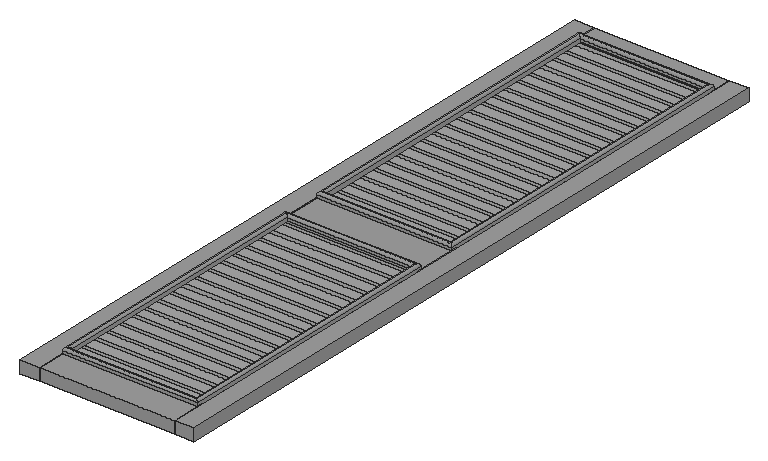
Revit family "Flat Edge Louver 2 Panel", category Generic Models, Revit 2017
Family settings
  Can host rebar = No
  Round Connector Dimension = Use Diameter
  Part Type = Normal
  Work Plane-Based = Yes
  Always vertical = No
  Cut with Voids When Loaded = No
  Shared = No
  Room Calculation Point = No
Parameters
  URL = "www.newhorizonshutters.com"
  Type Comments = "**** All dimensions and configurations to be approved by NHSI ****"
  Top Rail = 0' - 2 1/2"
  Shutter Width = 1' - 6"
  Shutter Thickness = 0' - 1 1/4"
  Shutter Height = 6' - 0"
  Model = "Flat Edge Louver"
  Mid Rail 1 Height = 2' - 10"
  Mid Rail 1 = 0' - 5"
  Manufacturer = "New Horizon Shutters"
  Louver Section 2 = Shutter Height - Mid Rail 1 Height - (Mid Rail 1 * 0.5) - Top Rail - 0' 1 7/8"  # 2' - 7 1/8"
  Louver Section 1 = Mid Rail 1 Height - Bottom Rail - (Mid Rail 1 * 0.5) - 0' 1 7/8"  # 2' - 2 1/8"
  Louver Length = Shutter Width - 0' 4"  # 1' - 2"
  Finish Color = Default
  Default Elevation = 4' - 0"
  Charleston Louver Trim Panel 2 = yes
  Charleston Louver Trim Panel 1 = yes
  Bottom Rail = 0' - 3 1/2"
Reference planes (in)
  plane 1 "Center (Front/Back)": y = 0
  plane 2: z = 0
  plane 3 "Center (Left/Right)": x = 0
  plane 4: x = -9
  plane 5: x = 9
  plane 6: y = 72
  plane 7: y = 3.5
  plane 8: y = 69.5
  plane 9: z = 1.25
  plane 10: z = 0.625
  plane 11: x = -7
  plane 12: x = 7
  plane 13: y = 4.4297
  plane 14: y = 3
  plane 15: y = 70
  plane 16: y = 34
  plane 17: y = 36.5
  plane 18: y = 31.5
  plane 19: y = 37.4375
  plane 20: y = 32
  plane 21: y = 36
  plane 22: z = 1.14492
Forms (in)
  Extrusion 1, solid, material "Default" <- "Finish Color"
    sketch origin (0, 0, 0) x (1, 0, 0) y (0, 1, 0)
      loop
        line (-9, 72) -> (-9, 0) -> (-7, 0) -> (-7, 72) -> (-9, 72)
    from 0 to 1.25
  Extrusion 2, solid, material "Default" <- "Finish Color"
    sketch origin (0, 0, 0) x (-1, 0, 0) y (0, -1, 0)
      loop
        line (-9, -72) -> (-7, -72) -> (-7, 0) -> (-9, 0) -> (-9, -72)
    from 0 to 1.25
  Extrusion 3, solid, material "Default" <- "Finish Color"
    sketch origin (0, 0, 0) x (1, 0, 0) y (0, 1, 0)
      loop
        line (-7, 3.5) -> (-7, 0) -> (7, 0) -> (7, 3.5) -> (-7, 3.5)
    from 0 to 1.25
  Extrusion 4, solid, material "Default" <- "Finish Color"
    sketch origin (0, 0, 0) x (1, 0, 0) y (0, 1, 0)
      loop
        line (-7, 72) -> (-7, 69.5) -> (7, 69.5) -> (7, 72) -> (-7, 72)
    from 0 to 1.25
  Extrusion 5, solid, material "Default" <- "Finish Color"
    sketch origin (0, 0, 0) x (1, 0, 0) y (0, 1, 0)
      loop
        line (-7, 36.5) -> (-7, 31.5) -> (7, 31.5) -> (7, 36.5) -> (-7, 36.5)
    from 0 to 1.25
  Sweep 6, solid, material "Default" <- "Finish Color", visible <- "Charleston Louver Trim Panel 2"
    path origin (0, 0, 0) x (1, 0, 0) y (0, 1, 0)
      loop
        line (-7, 36) -> (7, 36) -> (7, 70) -> (-7, 70) -> (-7, 36)
    profile origin (0, 36, 0) x (0, 1, 0) y (0, 0, 1)
      loop
        arc (0.49732, 1.52983) -> (0.42661, 1.70052) -> (0.25592, 1.77123) r 0.2414
        arc (0.25592, 1.77123) -> (0.0759, 1.70585) -> (0, 1.53001) r 0.24164
        line (0, 1.53001) -> (0, 1.14492) -> (0.49732, 1.14492) -> (0.49732, 1.52983)
  Sweep 7, solid, material "Default" <- "Finish Color", visible <- "Charleston Louver Trim Panel 1"
    path origin (0, 0, 0) x (1, 0, 0) y (0, 1, 0)
      loop
        line (-7, 32) -> (-7, 3) -> (7, 3) -> (7, 32) -> (-7, 32)
    profile origin (0, 32, 0) x (0, 1, 0) y (0, 0, 1)
      loop
        arc (0, 1.52983) -> (-0.0707, 1.70052) -> (-0.2414, 1.77123) r 0.2414
        arc (-0.2414, 1.77123) -> (-0.42142, 1.70585) -> (-0.49732, 1.53001) r 0.24164
        line (-0.49732, 1.53001) -> (-0.49732, 1.14492) -> (0, 1.14492) -> (0, 1.52983)
Dimensions and locks (in)
  equal spacing: plane 4, plane 3 "Center (Left/Right)", plane 5
  "Shutter Width": plane 4 to plane 5
  "Shutter Height": plane 1 "Center (Front/Back)" to plane 6
  "Top Rail": plane 6 to plane 8
  "Bottom Rail": plane 1 "Center (Front/Back)" to plane 7
  equal spacing: plane 9, plane 10, level
  "Shutter Thickness": plane 9 to level
  plane 1 "Center (Front/Back)" to Extrusion 1 = 6' - 0"
  locked: plane 4 to plane 11 at 2
  locked: plane 12 to plane 5 at 2
  locked: plane 13 to plane 7 at 0.9297
  locked: plane 15 to plane 8 at 0.5
  locked: plane 7 to plane 14 at 0.5
  "Mid Rail 1 Height": plane 1 "Center (Front/Back)" to plane 16
  equal spacing: plane 17, plane 16, plane 18
  "Mid Rail 1": plane 17 to plane 18
  locked: plane 19 to plane 17 at 0.9375
  locked: plane 17 to plane 21 at 0.5
  locked: plane 20 to plane 18 at 0.5
  aligned and locked: plane 2 to level
  aligned and locked: Extrusion 1 sketch curve to plane 6
  aligned and locked: plane 4 to Extrusion 1 sketch curve
  aligned and locked: Extrusion 1 sketch curve to plane 1 "Center (Front/Back)"
  aligned and locked: Extrusion 1 sketch curve to plane 11
  aligned and locked: Extrusion 1 to level
  aligned and locked: plane 9 to Extrusion 1
  aligned and locked: plane 12 to Extrusion 2 sketch curve
  aligned and locked: Extrusion 3 sketch curve to plane 7
  aligned and locked: plane 11 to Extrusion 3 sketch curve
  aligned and locked: Extrusion 3 sketch curve to Extrusion 2
  aligned and locked: Extrusion 2 to Extrusion 3 sketch curve
  aligned and locked: Extrusion 3 to level
  aligned and locked: plane 9 to Extrusion 3
  aligned and locked: Extrusion 4 sketch curve to Extrusion 1
  aligned and locked: plane 11 to Extrusion 4 sketch curve
  aligned and locked: plane 8 to Extrusion 4 sketch curve
  aligned and locked: plane 12 to Extrusion 4 sketch curve
  aligned and locked: Extrusion 4 to level
  aligned and locked: plane 9 to Extrusion 4
  aligned and locked: plane 10 to nested 1
  aligned and locked: plane 3 "Center (Left/Right)" to nested 1
  aligned and locked: nested 1 to plane 13
  aligned and locked: Extrusion 2 to level
  aligned and locked: plane 9 to Extrusion 2
  aligned and locked: plane 10 to nested 2
  aligned and locked: nested 2 to plane 19
  aligned and locked: plane 3 "Center (Left/Right)" to nested 2
  aligned and locked: Extrusion 5 sketch curve to plane 17
  aligned and locked: plane 11 to Extrusion 5 sketch curve
  aligned and locked: plane 18 to Extrusion 5 sketch curve
  aligned and locked: plane 12 to Extrusion 5 sketch curve
  aligned and locked: Extrusion 5 to level
  aligned and locked: plane 9 to Extrusion 5
  aligned and locked: plane 22 to nested 2
  aligned and locked: Sweep 6 sketch curve to plane 21
  aligned and locked: Sweep 6 sketch curve to plane 11
  aligned and locked: plane 15 to Sweep 6 sketch curve
  aligned and locked: Sweep 6 sketch curve to plane 12
  aligned and locked: Sweep 7 sketch curve to plane 20
  aligned and locked: plane 11 to Sweep 7 sketch curve
  aligned and locked: plane 14 to Sweep 7 sketch curve
  aligned and locked: plane 12 to Sweep 7 sketch curve
Automatic sketch dimensions
  plane 1 "Center (Front/Back)" to Extrusion 2 sketch curve = 0' - 0"
  Extrusion 2 sketch curve to plane 5 = 0' - 0"
  Extrusion 2 sketch curve to plane 6 = 0' - 0"
  level to Sweep 6 sketch curve = 0' - 1.14492"
  profile plane to Sweep 6 sketch curve = 0' - 0"
  level to Sweep 6 sketch curve = 0' - 1.53001"
  Sweep 6 sketch curve to Sweep 6 sketch curve = 0' - 0.24164"
  Sweep 6 sketch curve to Sweep 6 sketch curve = 0' - 0.01428"
  Sweep 6 sketch curve to Sweep 6 sketch curve = 0' - 0.2414"
  level to Sweep 7 sketch curve = 0' - 1.14492"
  profile plane to Sweep 7 sketch curve = 0' - 0.49732"
  level to Sweep 7 sketch curve = 0' - 1.53001"
  Sweep 7 sketch curve to Sweep 7 sketch curve = 0' - 0.24164"
  Sweep 7 sketch curve to Sweep 7 sketch curve = 0' - 0.01428"
  Sweep 7 sketch curve to Sweep 7 sketch curve = 0' - 0.2414"
Nested families (in)
  nested 1: "Flat Edge Louver System" at (0, 4.4297, 0.1051), type "Flat Edge Louver System"
    with Number Of Louvers 17, Louver Span 2' - 2 1/8"
  nested 2: "Flat Edge Louver System 2" at (0, 37.4375, 0.1051), type "Flat Edge Louver System 2"
    with Number Of Louvers 21, Louver Span 2' - 7 1/8"
Definition of nested family "Flat Edge Louver System"
  Parameters (values of type "Flat Edge Louver System")
    Number Of Louvers = Louver Span / Louver Spacing  # 14
    Louver Span = 1' - 9 5/8"
    Louver Spacing = 0' - 1 1/2"
    Louver Length = 1' - 2"
    Finish Color = none
  Reference planes (in)
    plane 1 "Center (Front/Back)": y = 0
    plane 2: z = 0
    plane 3 "Center (Left/Right)": x = 0
    plane 4: x = 7
    plane 5: x = -7
    plane 6: z = 0.5199
    plane 7: y = 21.625
  Dimensions and locks (in)
    equal spacing: plane 5, plane 3 "Center (Left/Right)", plane 4
    "Louver Length": plane 5 to plane 4
    locked: plane 6 to level at 0.5199
    equal spacing: group 1, group 3, group 4, group 5, group 6, group 7, group 8, group 9, group 10, group 11, group 12, group 13, group 14, group 2  (x3)
    "Louver Span": plane 1 "Center (Front/Back)" to plane 7
    aligned and locked: plane 2 to level
    aligned and locked: plane 3 "Center (Left/Right)" to nested 1
    aligned and locked: plane 1 "Center (Front/Back)" to nested 1
    aligned and locked: nested 1 to plane 6
    aligned and locked: nested 2 to plane 7
  Nested families (in)
    nested 1: "Flat Edge Louver Single" at (0, 0, 0.5199), type "Flat Edge Louver Single"
    nested 2: "Flat Edge Louver Single" at (0, 21.625, 0.5199), type "Flat Edge Louver Single"
    nested 3: "Flat Edge Louver Single" at (0, 1.66346, 0.5199), type "Flat Edge Louver Single"
    nested 4: "Flat Edge Louver Single" at (0, 3.32692, 0.5199), type "Flat Edge Louver Single"
    nested 5: "Flat Edge Louver Single" at (0, 4.99038, 0.5199), type "Flat Edge Louver Single"
    nested 6: "Flat Edge Louver Single" at (0, 6.65385, 0.5199), type "Flat Edge Louver Single"
    nested 7: "Flat Edge Louver Single" at (0, 8.31731, 0.5199), type "Flat Edge Louver Single"
    nested 8: "Flat Edge Louver Single" at (0, 9.98077, 0.5199), type "Flat Edge Louver Single"
    nested 9: "Flat Edge Louver Single" at (0, 11.64423, 0.5199), type "Flat Edge Louver Single"
    nested 10: "Flat Edge Louver Single" at (0, 13.30769, 0.5199), type "Flat Edge Louver Single"
    nested 11: "Flat Edge Louver Single" at (0, 14.97115, 0.5199), type "Flat Edge Louver Single"
    nested 12: "Flat Edge Louver Single" at (0, 16.63462, 0.5199), type "Flat Edge Louver Single"
    nested 13: "Flat Edge Louver Single" at (0, 18.29808, 0.5199), type "Flat Edge Louver Single"
    nested 14: "Flat Edge Louver Single" at (0, 19.96154, 0.5199), type "Flat Edge Louver Single"
  Definition of nested family "Flat Edge Louver Single"
    Parameters (values of type "Flat Edge Louver Single")
      Finish Color = none
      FE Louver Length = 1' - 2"
    Reference planes (in)
      plane 1 "Center (Front/Back)": y = 0
      plane 2: z = 0
      plane 3 "Center (Left/Right)": x = 0
      plane 4: x = -7
      plane 5: x = 7
      plane 6: y = 0
    Forms (in)
      Extrusion 1, solid, material <- "Finish Color"
        sketch origin (0, -7.42635, -2.4345) x (0, 1, 0) y (0, 0, 1)
          loop
            line (7.80107, 2.95442) -> (6.60487, 1.91458) -> (7.05163, 1.91458) -> (8.24783, 2.95442) -> (7.80107, 2.95442)
        from -7 to 7
    Lines and regions (in)
      reference lines
        curve 1: line (0, -0.22338, 0) -> (0, 0.22338, 0)
    Dimensions and locks (in)
      equal spacing: plane 4, plane 3 "Center (Left/Right)", plane 5
      "FE Louver Length": plane 4 to plane 5
      aligned and locked: plane 2 to level
      aligned and locked: Extrusion 1 to curve 1  (x2)
      aligned and locked: plane 5 to Extrusion 1
      aligned and locked: Extrusion 1 to plane 4
    Automatic sketch dimensions
      plane 1 "Center (Front/Back)" to Extrusion 1 sketch curve = 0' - 0.37472"
      Extrusion 1 sketch curve to Extrusion 1 sketch curve = 0' - 0.44676"  (x2)
      Extrusion 1 sketch curve to plane 1 "Center (Front/Back)" = 0' - 0.37472"
      level to Extrusion 1 sketch curve = 0' - 0.51992"
      Extrusion 1 sketch curve to level = 0' - 0.51992"
      curve 1 to level = 0' - 0"
      plane 1 "Center (Front/Back)" to curve 1 = 0' - 0.22338"
      curve 1 to curve 1 = 0' - 0.44676"
Definition of nested family "Flat Edge Louver System 2"
  Parameters (values of type "Flat Edge Louver System 2")
    Number Of Louvers = Louver Span / Louver Spacing  # 24
    Louver Span = 2' - 11 5/8"
    Louver Spacing = 0' - 1 1/2"
    Louver Length = 1' - 2"
    Finish Color = none
  Reference planes (in)
    plane 1 "Center (Front/Back)": y = 0
    plane 2: z = 0
    plane 3 "Center (Left/Right)": x = 0
    plane 4: x = 7
    plane 5: x = -7
    plane 6: z = 0.5199
    plane 7: y = 35.625
  Dimensions and locks (in)
    equal spacing: plane 5, plane 3 "Center (Left/Right)", plane 4
    "Louver Length": plane 5 to plane 4
    locked: plane 6 to level at 0.5199
    equal spacing: group 1, group 3, group 4, group 5, group 6, group 7, group 8, group 9, group 10, group 11, group 12, group 13, group 14, group 15, group 16, group 17, group 18, group 19, group 20, group 21, group 22, group 23, group 24, group 2  (x3)
    "Louver Span": plane 1 "Center (Front/Back)" to plane 7
    aligned and locked: plane 2 to level
    aligned and locked: plane 3 "Center (Left/Right)" to nested 1
    aligned and locked: plane 1 "Center (Front/Back)" to nested 1
    aligned and locked: nested 1 to plane 6
    aligned and locked: nested 2 to plane 7
  Nested families (in)
    nested 1: "Flat Edge Louver Single" at (0, 0, 0.5199), type "Flat Edge Louver Single"
    nested 2: "Flat Edge Louver Single" at (0, 35.625, 0.5199), type "Flat Edge Louver Single"
    nested 3: "Flat Edge Louver Single" at (0, 1.54891, 0.5199), type "Flat Edge Louver Single"
    nested 4: "Flat Edge Louver Single" at (0, 3.09783, 0.5199), type "Flat Edge Louver Single"
    nested 5: "Flat Edge Louver Single" at (0, 4.64674, 0.5199), type "Flat Edge Louver Single"
    nested 6: "Flat Edge Louver Single" at (0, 6.19565, 0.5199), type "Flat Edge Louver Single"
    nested 7: "Flat Edge Louver Single" at (0, 7.74457, 0.5199), type "Flat Edge Louver Single"
    nested 8: "Flat Edge Louver Single" at (0, 9.29348, 0.5199), type "Flat Edge Louver Single"
    nested 9: "Flat Edge Louver Single" at (0, 10.84239, 0.5199), type "Flat Edge Louver Single"
    nested 10: "Flat Edge Louver Single" at (0, 12.3913, 0.5199), type "Flat Edge Louver Single"
    nested 11: "Flat Edge Louver Single" at (0, 13.94022, 0.5199), type "Flat Edge Louver Single"
    nested 12: "Flat Edge Louver Single" at (0, 15.48913, 0.5199), type "Flat Edge Louver Single"
    nested 13: "Flat Edge Louver Single" at (0, 17.03804, 0.5199), type "Flat Edge Louver Single"
    nested 14: "Flat Edge Louver Single" at (0, 18.58696, 0.5199), type "Flat Edge Louver Single"
    nested 15: "Flat Edge Louver Single" at (0, 20.13587, 0.5199), type "Flat Edge Louver Single"
    nested 16: "Flat Edge Louver Single" at (0, 21.68478, 0.5199), type "Flat Edge Louver Single"
    nested 17: "Flat Edge Louver Single" at (0, 23.2337, 0.5199), type "Flat Edge Louver Single"
    nested 18: "Flat Edge Louver Single" at (0, 24.78261, 0.5199), type "Flat Edge Louver Single"
    nested 19: "Flat Edge Louver Single" at (0, 26.33152, 0.5199), type "Flat Edge Louver Single"
    nested 20: "Flat Edge Louver Single" at (0, 27.88043, 0.5199), type "Flat Edge Louver Single"
    nested 21: "Flat Edge Louver Single" at (0, 29.42935, 0.5199), type "Flat Edge Louver Single"
    nested 22: "Flat Edge Louver Single" at (0, 30.97826, 0.5199), type "Flat Edge Louver Single"
    nested 23: "Flat Edge Louver Single" at (0, 32.52717, 0.5199), type "Flat Edge Louver Single"
    nested 24: "Flat Edge Louver Single" at (0, 34.07609, 0.5199), type "Flat Edge Louver Single"
  Definition of nested family "Flat Edge Louver Single"
    Parameters (values of type "Flat Edge Louver Single")
      Finish Color = none
      FE Louver Length = 1' - 2"
    Reference planes (in)
      plane 1 "Center (Front/Back)": y = 0
      plane 2: z = 0
      plane 3 "Center (Left/Right)": x = 0
      plane 4: x = -7
      plane 5: x = 7
      plane 6: y = 0
    Forms (in)
      Extrusion 1, solid, material <- "Finish Color"
        sketch origin (0, -7.42635, -2.4345) x (0, 1, 0) y (0, 0, 1)
          loop
            line (7.80107, 2.95442) -> (6.60487, 1.91458) -> (7.05163, 1.91458) -> (8.24783, 2.95442) -> (7.80107, 2.95442)
        from -7 to 7
    Lines and regions (in)
      reference lines
        curve 1: line (0, -0.22338, 0) -> (0, 0.22338, 0)
    Dimensions and locks (in)
      equal spacing: plane 4, plane 3 "Center (Left/Right)", plane 5
      "FE Louver Length": plane 4 to plane 5
      aligned and locked: plane 2 to level
      aligned and locked: Extrusion 1 to curve 1  (x2)
      aligned and locked: plane 5 to Extrusion 1
      aligned and locked: Extrusion 1 to plane 4
    Automatic sketch dimensions
      plane 1 "Center (Front/Back)" to Extrusion 1 sketch curve = 0' - 0.37472"
      Extrusion 1 sketch curve to Extrusion 1 sketch curve = 0' - 0.44676"  (x2)
      Extrusion 1 sketch curve to plane 1 "Center (Front/Back)" = 0' - 0.37472"
      level to Extrusion 1 sketch curve = 0' - 0.51992"
      Extrusion 1 sketch curve to level = 0' - 0.51992"
      curve 1 to level = 0' - 0"
      plane 1 "Center (Front/Back)" to curve 1 = 0' - 0.22338"
      curve 1 to curve 1 = 0' - 0.44676"
